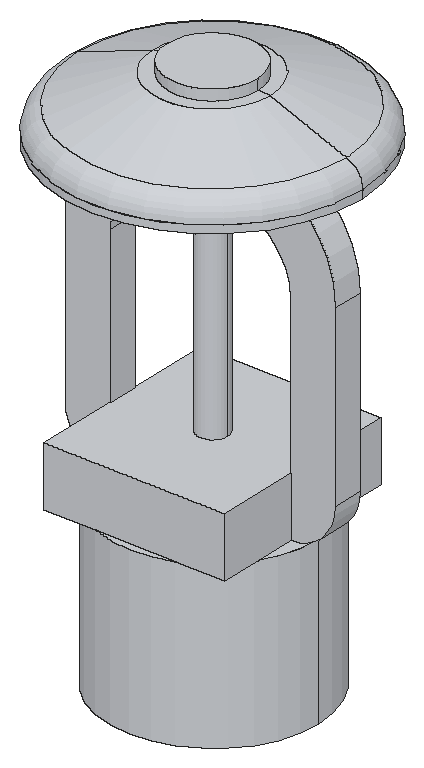
Revit family
Parameters (values of type "RASCO F1FR56-300 UPRIGHT")
  URL = ""
  Temperature Rating = 286 °F
  Response = 1
  RASCO SIN # = "RA2625"
  RASCO Part # = "F1FR56U3W3"
  Pressure Rating = "300 PSI"
  Pressure Class = 1
  Orifice Size = 1/2"
  Orifice = (empty or 0)
  Model = "F1FR56-300"
  Manufacturer = "RASCO"
  K-Factor = 5.6
  Description = "White Finish"
  Coverage = (empty or 0)
Reference planes (in)
  plane 1 "Center (Front/Back)": y = 0
  plane 2: z = 0
  plane 3 "Center (Left/Right)": x = 0
Nested families (in)
  nested 1: "F1FR56U3W3" at (-0.04011, 0.12077, 0), type "RASCO F1FR56-300 UPRIGHT"
Connectors (in)
  piping at (-0.04011, 0.12077, 0)
    settings: on nested 1, index 1, connector radius 115/256", flow factor 0, pipe flow 0 GPM, pressure drop 0.00 psi, fitting loss kfactor 0, connector angle 0.00°, fixture units 0, flow configuration 0, flow direction 0, fitting loss method 0, system type 7, connector reference index -1, connector utility 0, adjustable connector no, is connector primary yes, fitting loss table "", connector description ""
Definition of nested family "F1FR56U3W3"
  Parameters (values of type "RASCO F1FR56-300 UPRIGHT")
    Type Comments = ""
    Temperature Rating = 0 °F
    Response = (empty or 0)
    Pressure Rating = "0"
    Pressure Class = (empty or 0)
    Orifice Size = 0"
    Orifice = (empty or 0)
    Model = ""
    Manufacturer = ""
    K-Factor = 0
    Description = ""
    Coverage = (empty or 0)
    Assembly Code = ""
  Reference planes (in)
    plane 1 "Center (Front/Back)": y = 0
    plane 2: z = 0
    plane 3 "ref.2": z = 0.6875
    plane 4 "ref.3": z = 0.9375
    plane 5: x = -0.38065
    plane 6: x = 0.36935
    plane 7 "ref. side 1": y = 0.06402
    plane 8 "ref. side 2": y = -0.06098
    plane 9 "ref.4": z = 1.875
    plane 10 "ref.5": z = 2.3125
    plane 11 "ref.6": z = 2.4375
  Forms (in)
    Extrusion 1, solid
      sketch origin (0, 0, 0) x (1, 0, 0) y (0, 1, 0)
        loop
          circle (0, 0) r 0.4375
      from 0 to 0.6875
    Extrusion 2, solid
      sketch origin (-0.12185, 0.05177, 0.6875) x (1, 0, 0) y (0, 1, 0)
        loop
          line (-0.2588, 0.356) -> (-0.2588, -0.4565) -> (0.4912, -0.4565) -> (0.4912, 0.356) -> (-0.2588, 0.356)
      from 0 to 0.25
    Extrusion 3, solid
      sketch origin (0, 0, 0) x (1, 0, 0) y (0, 0, 1)
        loop
          line (-0.38065, 0.68754) -> (-0.38065, 1.58397)
          arc (-0.38065, 1.58397) -> (-0.29541, 1.78976) -> (-0.08962, 1.875) r 0.29103
          line (-0.08962, 1.875) -> (0.07524, 1.875)
          arc (0.07524, 1.875) -> (0.28321, 1.78886) -> (0.36935, 1.58089) r 0.29411
          line (0.36935, 1.58089) -> (0.36935, 0.68751)
          arc (0.36935, 0.68751) -> (0.50207, 0.74393) -> (0.55685, 0.87734) r 0.18984
          line (0.55685, 0.87734) -> (0.55685, 1.61676)
          arc (0.55685, 1.61676) -> (0.42629, 1.93194) -> (0.11111, 2.0625) r 0.44574
          line (0.11111, 2.0625) -> (-0.12259, 2.0625)
          arc (-0.12259, 2.0625) -> (-0.43765, 1.932) -> (-0.56815, 1.61694) r 0.44556
          line (-0.56815, 1.61694) -> (-0.56815, 0.87876)
          arc (-0.56815, 0.87876) -> (-0.51345, 0.74486) -> (-0.38065, 0.68754) r 0.19126
      from -0.06402 to 0.06098
    Extrusion 4, solid
      sketch origin (0, 0, 0.9375) x (-1, 0, 0) y (0, -1, 0)
        loop
          circle (0.00574, -0.00152) r 0.0625
      from 0 to 0.9375
    Extrusion 5, solid
      sketch origin (0, 0, 1.875) x (-1, 0, 0) y (0, -1, 0)
        loop
          circle (0.00574, -0.00152) r 0.1875
      from 0 to 0.4375
    Revolve 6, solid
      sketch origin (0, 0, -0.31276) x (1, 0, 0) y (0, 0, 1)
        loop
          line (-0.19324, 2.33367) -> (-0.19324, 2.58367) -> (-0.24995, 2.58367) -> (-0.56395, 2.46314)
          arc (-0.56395, 2.46314) -> (-0.61243, 2.42492) -> (-0.63074, 2.36595) r 0.1041
          line (-0.63074, 2.36595) -> (-0.63074, 2.33367) -> (-0.19324, 2.33367)
        axis (-0.00574, 2.33367) -> (-0.00574, 2.58367)
      angle from 0 to 360
  Cuts and joins
    joined: Extrusion 1, Extrusion 2, Extrusion 4, Revolve 6
  Lines and regions (in)
    model lines
      curve 1: line (-0.00574, 0.06402, 1.875) -> (-0.00574, -0.06098, 1.875)
